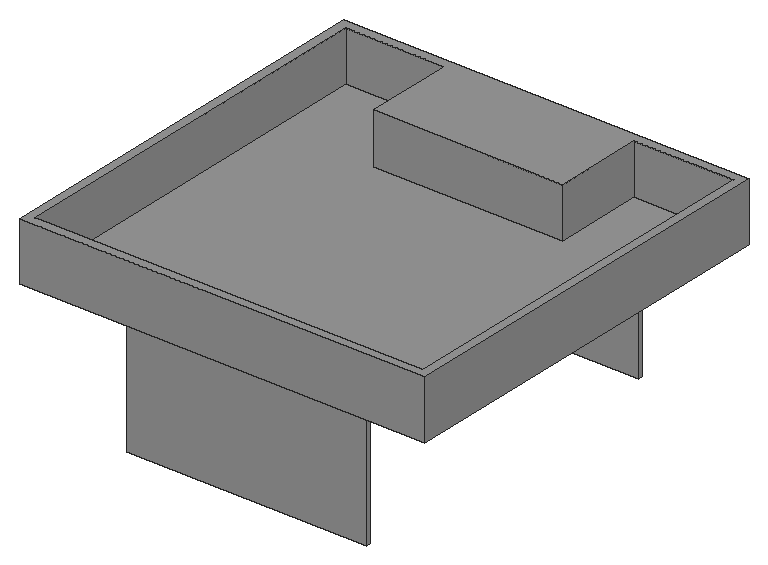
Revit family "Nivellierbare Kassette mit Schnurauslass, RKSNUZD3, 20-25, 4", category Generic Models, Revit 2015
Parameters (values of type "RKSN2 UZD3 4MS25")
  Width = 199 mm
  URL = "http://www.obo-bettermann.com"
  Material = Brass, Soft Yellow, Welded
  Manufacturer Art.No. = "7409224"
  Manufacturer = "OBO Bettermann"
  Length = 199 mm
  Height 1 = 29 mm
  Height = 95 mm
  GTIN = "4012195867258"
  Cut depth = 25 mm
  Article Type = "RKSN2 UZD3 4MS25"
Types (5, lengths in mm): name | Material | Manufacturer Art.No. | Height | GTIN | Cut depth | Article Type
  (no name) | Brass, Soft Yellow, Welded | "7409224" | 95 | "4012195867258" | 25 | "RKSN2 UZD3 4MS25"
  RKSN2 UZD3 4VS20 | Stainless Steel, Polished | "7409228" | 90 | "4012195867265" | 20 | "RKSN2 UZD3 4VS20"
  RKSN2 UZD3 4MS20 | Brass, Soft Yellow, Welded | "7409222" | 90 | "4012195867241" | 20 | "RKSN2 UZD3 4MS20"
  RKSN2 UZD3 4VS25 | Stainless Steel | "7409230" | 95 | "4012195867272" | 25 | "RKSN2 UZD3 4VS25"
  RKSN2 UZD3 4MS25 | Brass, Soft Yellow, Welded | "7409224" | 95 | "4012195867258" | 25 | "RKSN2 UZD3 4MS25"
Reference planes
  plane 1 "Center (Front/Back)": y = 0
  plane 2: z = 0
  plane 3 "Center (Left/Right)": x = 0
  plane 4: z = 66
  plane 5: y = 99.5
  plane 6: y = -99.5
  plane 7: z = 95
  plane 8: z = 70
Forms (mm)
  Extrusion 1, solid, material "Brass, Soft Yellow, Welded" <- "Material"
    sketch origin (0, 0, 0) x (1, 0, 0) y (0, 0, 1)
      loop
        line (-99.5, 95) -> (-99.5, 66) -> (99.5, 66) -> (99.5, 95) -> (-99.5, 95)
    from -99.5 to 99.5
  Extrusion 2, solid, material "Brass, Soft Yellow, Welded" <- "Material"
    sketch origin (0, 0, 0) x (1, 0, 0) y (0, 1, 0)
      loop
        line (-59, 84.5) -> (-59, 82.5) -> (59, 82.5) -> (59, 84.5) -> (-59, 84.5)
      loop
        line (-59, -82.5) -> (-59, -84.5) -> (59, -84.5) -> (59, -82.5) -> (-59, -82.5)
    from 0 to 66
  Extrusion 3, void
    sketch origin (0, 0, 0) x (1, 0, 0) y (0, 1, 0)
      loop
        line (-95.5, 95.5) -> (-95.5, -95.5) -> (95.5, -95.5) -> (95.5, 95.5) -> (46.5, 95.5) -> (46.5, 51.5) -> (-46.5, 51.5) -> (-46.5, 95.5) -> (-95.5, 95.5)
    from 70 to 95
Cuts and joins
  Extrusion 3 cuts Extrusion 1
  Extrusion 3 cuts Extrusion 2
Dimensions and locks
  "Width": Extrusion 1 sketch curve to Extrusion 1 sketch curve
  locked: plane 3 "Center (Left/Right)" to Extrusion 1 sketch curve at 99.5
  locked: Extrusion 1 sketch curve to Extrusion 1 sketch curve at 29
  "Height": plane 7 to level
  "Height 1": plane 7 to plane 4
  locked: Extrusion 2 sketch curve to Extrusion 2 sketch curve at 118  (x2)
  equal spacing: Extrusion 2 sketch curve, plane 3 "Center (Left/Right)", Extrusion 2 sketch curve, locked at 59 each  (x2)
  locked: Extrusion 2 sketch curve to Extrusion 1 at 15  (x2)
  locked: Extrusion 2 sketch curve to Extrusion 2 sketch curve at 2  (x2)
  "Cut depth": plane 7 to plane 8
  "Length": plane 5 to plane 6
  equal spacing: plane 5, plane 1 "Center (Front/Back)", plane 6, locked at 99.5 each
  locked: Extrusion 3 sketch curve to Extrusion 3 sketch curve at 191  (x2)
  equal spacing: Extrusion 3 sketch curve, plane 1 "Center (Front/Back)", Extrusion 3 sketch curve, locked at 95.5 each
  equal spacing: Extrusion 3 sketch curve, plane 3 "Center (Left/Right)", Extrusion 3 sketch curve, locked at 95.5 each
  locked: Extrusion 3 sketch curve to Extrusion 3 sketch curve at 93
  equal spacing: Extrusion 3 sketch curve, plane 3 "Center (Left/Right)", Extrusion 3 sketch curve, locked at 46.5 each
  locked: Extrusion 3 sketch curve to Extrusion 3 sketch curve at 44
  aligned and locked: level to plane 2
  aligned and locked: plane 4 to Extrusion 1 sketch curve
  aligned and locked: plane 6 to Extrusion 1
  aligned and locked: Extrusion 1 to plane 5
  aligned and locked: plane 7 to Extrusion 1
  aligned and locked: Extrusion 3 sketch curve to Extrusion 3 sketch curve
  aligned and locked: cut or joined group of Extrusion 1, Extrusion 3 to Extrusion 3
  aligned and locked: Extrusion 3 to plane 8
  aligned and locked: Extrusion 2 to level
  aligned and locked: plane 4 to Extrusion 2
